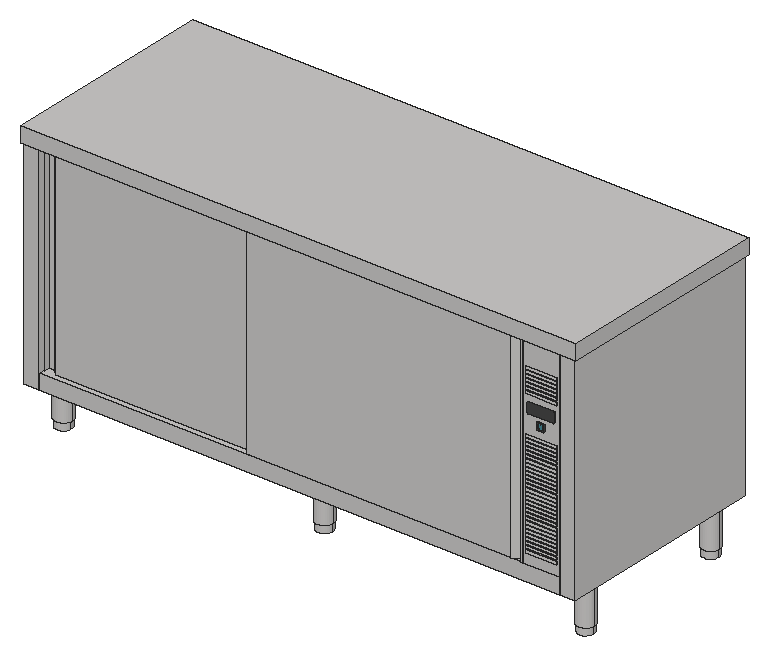
Revit family "QF_ZANUSSI_132874_MSR1807N", category Attrezzature speciali, Revit 2020
Family settings
  Quota connettore circolare = Usa diametro
  Tipo di parte = Normale
  Basato su piano di lavoro = No
  Sempre verticale = Sì
  Taglio con vuoti quando caricato = No
  Condiviso = No
  Punto di calcolo locali = No
Parameters (values of type "Standard")
  Weight = 70.00 kg
  Watts = 2400 W
  Volts = 220 V
  URL Manufacturer = "http://www.zanussiprofessional.com"
  URL = "http://www.zanussiprofessional.com"
  Steam Supply Size = 0 mm
  Steam Supply Minimum Pressure = 0.0 Pa
  Steam Supply Maximum Pressure = 0.0 Pa
  Steam Consumption per Hour = 0
  Refrigeration Suction Line Size = 0.0 mm
  Refrigeration Liquid Line Size = 0.0 mm
  Refrigerant Compressor Remote = yes
  Prospetto di default = 0.0 mm
  Produttore = "Zanussi"
  Phase = 1
  Modello = "MSR1807N"
  Length Actual = 1800.0 mm  # constant formula
  Item Number = "132874"
  Hot Water Size = 0 mm
  Height Actual = 900.0 mm  # constant formula
  HP = "3.2 HP"
  Gas Size = 0 mm
  Gas KW = 0
  Gas Input Pressure = 0 W
  Direct Waste Size = 0 mm
  Descrizione = "HOT CUPBOARD 1800MM"
  Depth Actual = 700.0 mm  # constant formula
  Cycle = 50 Hz
  Condensate Return Size = 0 mm
  Compressed Air Volume = 0.0 L/s
  Compressed Air Size = 0 mm
  Compressed Air Pressure = 0.0 Pa
  Cold Water Size = 0 mm
  Accessory = yes
Reference planes
  plane 1 "Center (Front/Back)": y = 0
  plane 2: z = 0
  plane 3 "Center (Left/Right)": x = -400
  plane 4 "LEFT": x = -1300
  plane 5 "RIGHT": x = 500
  plane 6 "BACK": y = 350
  plane 7 "FRONT": y = -350
  plane 8 "Base": z = 850
  plane 9 "TOP": z = 900
  plane 10: x = -1246.5
  plane 11: x = 446.5
  plane 12: y = 264.5
  plane 13: y = -241.5
  plane 14 "BodyLeft": x = -1294.5
  plane 15 "BodyFront": y = -344.5
  plane 16 "BodyRight": x = 494.5
  plane 17 "BodyBack": y = 344.5
  plane 18 "FEET": z = 150
  plane 19: x = 324.5
  plane 20: x = -461
  plane 21: x = 444.5
  plane 22 "EIx": x = 400
  plane 23 "EIy": y = -170
Forms (mm)
  Extrusion 1, solid, material "QF_Finishes_Stainless Steel"
    sketch origin (-400, 0, 0) x (0, 1, 0) y (0, 0, 1)
      loop
        line (-350, 850) -> (350, 850) -> (350, 900) -> (-350, 900) -> (-350, 850)
    from 900 to -900
  Extrusion 2, solid, material "QF_Finishes_Stainless Steel"
    sketch origin (0, 0, 150) x (-1, 0, 0) y (0, -1, 0)
      loop
        line (1294.5, -344.5) -> (1294.5, 344.5) -> (1244.5, 344.5) -> (1244.5, -344.5) -> (1294.5, -344.5)
      loop
        line (-444.5, -344.5) -> (-444.5, 344.5) -> (-494.5, 344.5) -> (-494.5, -344.5) -> (-444.5, -344.5)
    from 0 to 700
  Extrusion 3, solid, material "QF_Finishes_Stainless Steel"
    sketch origin (0, 0, 150) x (-1, 0, 0) y (0, -1, 0)
      loop
        line (1244.5, -344.5) -> (1244.5, 344.5) -> (-444.5, 344.5) -> (-444.5, -344.5) -> (1244.5, -344.5)
    from 0 to 50
  Extrusion 4, solid, material "QF_Finishes_Stainless Steel"
    sketch origin (-1, 0, 150) x (-1, 0, 0) y (0, -1, 0)
      loop
        line (-325.5, 344.5) -> (-325.5, 324.5) -> (570.5, 324.5) -> (570.5, 344.5) -> (-285.5, 344.5) -> (-305.5, 329.5) -> (-320.5, 329.5) -> (-320.5, 344.5) -> (-325.5, 344.5)
    from 50 to 700
  Extrusion 5, solid, material "QF_Finishes_Stainless Steel"
    sketch origin (1, 20, 150) x (1, 0, 0) y (0, 1, 0)
      loop
        line (-1245.5, -344.5) -> (-1240.5, -344.5) -> (-1240.5, -329.5) -> (-1225.5, -329.5) -> (-1205.5, -344.5) -> (-351.5, -344.5) -> (-351.5, -324.5) -> (-1245.5, -324.5) -> (-1245.5, -344.5)
    from 50 to 700
  Extrusion 6, solid, material "QF_Finishes_Stainless Steel"
    sketch origin (0, 0, 0) x (1, 0, 0) y (0, 1, 0)
      loop
        line (-1244.5, -304.5) -> (324.5, -304.5) -> (324.5, 324.5) -> (-1244.5, 324.5) -> (-1244.5, -304.5)
    from 500 to 540
  Extrusion 7, solid, material "QF_Finishes_Stainless Steel"
    sketch origin (0, 0, 0) x (1, 0, 0) y (0, 1, 0)
      loop
        line (444.5, 344.5) -> (-1244.5, 344.5) -> (-1244.5, 324.5) -> (444.5, 324.5) -> (444.5, 344.5)
    from 200 to 850
  Extrusion 8, solid, material "QF_Finishes_Stainless Steel"
    sketch origin (0, 0, 150) x (-1, 0, 0) y (0, -1, 0)
      loop
        circle (-400, 170) r 10
    from 0 to -5
Cuts and joins
  joined: Extrusion 3, Extrusion 7
Lines and regions (mm)
  symbolic lines
    curve 1: line (500, 350, 900) -> (-1300, 350, 900)
    curve 2: line (-1300, 350, 900) -> (-1300, -350, 900)
    curve 3: line (-1300, -350, 900) -> (500, -350, 900)
    curve 4: line (500, -350, 900) -> (500, 350, 900)
  symbolic lines, style "SpecialityEquipmentHiddenLines"
    curve 5: line (-1294.5, 344.5, 150) -> (494.5, 344.5, 150)
    curve 6: line (-1294.5, -344.5, 150) -> (-1294.5, 344.5, 150)
    curve 7: line (494.5, -344.5, 150) -> (-1294.5, -344.5, 150)
    curve 8: line (494.5, 344.5, 150) -> (494.5, -344.5, 150)
    curve 9: line (-1245.5, -304.5, 150) -> (-349.5, -304.5, 150)
    curve 10: line (-349.5, -304.5, 150) -> (-349.5, -324.5, 150)
    curve 11: line (-1245.5, -324.5, 150) -> (324.5, -324.5, 150)
    curve 12: line (324.5, -324.5, 150) -> (324.5, -344.5, 150)
    curve 13: line (-1245.5, -304.5, 150) -> (-1245.5, -324.5, 150)
    curve 14: line (-571.5, -344.5, 0) -> (-571.5, -324.5, 0)
Dimensions and locks
  plane 4 "LEFT" to plane 5 "RIGHT" = 1800.0 mm
  equal spacing: plane 4 "LEFT", plane 3 "Center (Left/Right)", plane 5 "RIGHT"
  locked: plane 8 "Base" to level at 850
  plane 9 "TOP" to level = 900.0 mm
  plane 6 "BACK" to plane 7 "FRONT" = 700.0 mm
  equal spacing: plane 6 "BACK", plane 1 "Center (Front/Back)", plane 7 "FRONT"
  locked: plane 4 "LEFT" to plane 14 "BodyLeft" at 5.5
  locked: plane 16 "BodyRight" to plane 5 "RIGHT" at 5.5
  locked: plane 15 "BodyFront" to plane 7 "FRONT" at 5.5
  locked: plane 6 "BACK" to plane 17 "BodyBack" at 5.5
  locked: plane 14 "BodyLeft" to plane 10 at 48
  locked: plane 11 to plane 16 "BodyRight" at 48
  locked: plane 13 to plane 15 "BodyFront" at 103
  locked: plane 17 "BodyBack" to plane 12 at 80
  plane 10 to plane 11 = 1693.0 mm
  plane 12 to plane 13 = 506.0 mm
  locked: plane 14 "BodyLeft" to Extrusion 2 sketch curve at 50
  locked: Extrusion 2 sketch curve to Extrusion 2 sketch curve at 50
  equal spacing: plane 10, plane 20, plane 19
  locked: plane 21 to plane 16 "BodyRight" at 50
  locked: plane 19 to plane 21 at 120
  locked: Extrusion 4 sketch curve to plane 20 at 110.5
  locked: plane 20 to Extrusion 5 sketch curve at 110.5
  locked: plane 18 "FEET" to level at 150
  locked: plane 22 "EIx" to plane 5 "RIGHT" at 100
  plane 23 "EIy" to plane 7 "FRONT" = 180.0 mm
  aligned and locked: level to plane 2
  aligned and locked: plane 10 to nested 1
  aligned and locked: nested 1 to plane 13
  aligned and locked: plane 11 to nested 2
  aligned and locked: nested 2 to plane 13
  aligned and locked: plane 11 to nested 4
  aligned and locked: nested 4 to plane 12
  aligned and locked: plane 10 to nested 3
  aligned and locked: nested 3 to plane 12
  aligned and locked: Extrusion 1 to plane 4 "LEFT"
  aligned and locked: plane 5 "RIGHT" to Extrusion 1
  aligned and locked: curve 2 to plane 4 "LEFT"
  aligned and locked: plane 17 "BodyBack" to Extrusion 2 sketch curve
  aligned and locked: Extrusion 2 sketch curve to plane 15 "BodyFront"
  aligned and locked: Extrusion 2 sketch curve to plane 14 "BodyLeft"
  aligned and locked: plane 16 "BodyRight" to Extrusion 2 sketch curve
  aligned and locked: Extrusion 2 sketch curve to plane 17 "BodyBack"
  aligned and locked: plane 15 "BodyFront" to Extrusion 2 sketch curve
  aligned and locked: Extrusion 3 sketch curve to plane 17 "BodyBack"
  aligned and locked: plane 15 "BodyFront" to Extrusion 3 sketch curve
  aligned and locked: plane 8 "Base" to Extrusion 2
  aligned and locked: plane 8 "Base" to Extrusion 4
  aligned and locked: Extrusion 4 to Extrusion 3
  aligned and locked: Extrusion 1 to plane 8 "Base"
  aligned and locked: plane 9 "TOP" to Extrusion 1
  aligned and locked: curve 5 to plane 17 "BodyBack"
  aligned and locked: plane 14 "BodyLeft" to curve 6
  aligned and locked: plane 15 "BodyFront" to curve 7
  aligned and locked: plane 16 "BodyRight" to curve 8
  aligned and locked: Extrusion 3 to Extrusion 2  (x2)
  aligned and locked: Extrusion 6 sketch curve to Extrusion 2
  aligned and locked: Extrusion 6 sketch curve to Extrusion 5
  aligned and locked: nested 5 to plane 21
  aligned and locked: Extrusion 7 sketch curve to Extrusion 2
  aligned and locked: Extrusion 6 sketch curve to plane 19
  aligned and locked: plane 3 "Center (Left/Right)" to nested 6
  aligned and locked: plane 3 "Center (Left/Right)" to nested 7
Automatic sketch dimensions
  curve 14 to plane 15 "BodyFront" = 0.0 mm
  plane 15 "BodyFront" to curve 14 = 20.0 mm
  curve 14 to plane 20 = 110.5 mm
  curve 3 to plane 7 "FRONT" = 0.0 mm
  curve 4 to plane 6 "BACK" = 0.0 mm
  Extrusion 1 sketch curve to plane 7 "FRONT" = 0.0 mm
  Extrusion 1 sketch curve to plane 6 "BACK" = 0.0 mm
  Extrusion 1 sketch curve to plane 8 "Base" = 0.0 mm
  Extrusion 1 sketch curve to plane 9 "TOP" = 0.0 mm
  Extrusion 3 sketch curve to plane 21 = 0.0 mm
  plane 10 to Extrusion 3 sketch curve = 2.0 mm
  Extrusion 4 sketch curve to plane 19 = 0.0 mm
  Extrusion 4 sketch curve to plane 15 "BodyFront" = 0.0 mm  (x2)
  Extrusion 4 sketch curve to Extrusion 4 sketch curve = 5.0 mm
  Extrusion 4 sketch curve to Extrusion 4 sketch curve = 15.0 mm  (x2)
  Extrusion 4 sketch curve to Extrusion 4 sketch curve = 20.0 mm  (x2)
  Extrusion 5 sketch curve to plane 15 "BodyFront" = 20.0 mm  (x2)
  Extrusion 5 sketch curve to plane 10 = 42.0 mm
  Extrusion 5 sketch curve to plane 10 = 22.0 mm
  Extrusion 5 sketch curve to plane 10 = 7.0 mm
  Extrusion 5 sketch curve to plane 10 = 2.0 mm
  Extrusion 5 sketch curve to Extrusion 5 sketch curve = 15.0 mm
  Extrusion 5 sketch curve to Extrusion 5 sketch curve = 20.0 mm
  plane 21 to curve 12 = 120.0 mm
  curve 7 to plane 15 "BodyFront" = 0.0 mm
  plane 3 "Center (Left/Right)" to curve 9 = 50.5 mm
  plane 10 to curve 11 = 1.0 mm
  plane 15 "BodyFront" to curve 9 = 40.0 mm
  curve 11 to curve 12 = 20.0 mm
  plane 12 to Extrusion 6 sketch curve = 60.0 mm
  Extrusion 7 sketch curve to plane 17 "BodyBack" = 0.0 mm
  Extrusion 7 sketch curve to plane 21 = 0.0 mm
  Extrusion 7 sketch curve to plane 17 "BodyBack" = 20.0 mm
  curve 4 to plane 5 "RIGHT" = 0.0 mm
  Extrusion 8 sketch curve to plane 22 "EIx" = 0.0 mm
  Extrusion 8 sketch curve to plane 23 "EIy" = 0.0 mm
  radius of Extrusion 8 sketch curve = 10.0 mm
Nested families
  nested 1: "FEET_D58-150" at (-1246.5, -241.5, 0), type "FEET_D58-150"
  nested 2: "FEET_D58-150" at (446.5, -241.5, 0), type "FEET_D58-150"
  nested 3: "FEET_D58-150" at (-1246.5, 264.5, 0), type "FEET_D58-150"
  nested 4: "FEET_D58-150" at (446.5, 264.5, 0), type "FEET_D58-150"
  nested 5: "WT_PNL120x650" at (531.42, -304.5, 600) x (1, 0, 0) z (0, -1, 0), type "WT_PNL120x650"
    with Show Logo yes
  nested 6: "FEET_D58-150" at (-400, -241.5, 0), type "FEET_D58-150"
  nested 7: "FEET_D58-150" at (-400, 264.5, 0), type "FEET_D58-150"
Connectors
  electrical at (400, -170, 145)
    settings: on Extrusion 8, index 1, voltage 0 V, apparent load 0 VA, apparent load phase1 0 VA, apparent load phase2 0 VA, apparent load phase3 0 VA, power factor 1, load classification "Other", number of poles 1, system type 30, power factor state 1, is connector primary yes, connector utility no, sub classification motor no, connector description "Electrical connection"
Definition of nested family "FEET_D58-150"
  Parameters
    Default Elevation = 0.0 mm
    FEET = 150.0 mm
  Reference planes
    plane 1 "Center (Front/Back)": y = 0
    plane 2: z = 0
    plane 3 "Center (Left/Right)": x = 0
    plane 4: z = 150
  Forms (mm)
    Extrusion 1, solid
      sketch origin (0, 0, 0) x (1, 0, 0) y (0, 1, 0)
        loop
          circle (0, 0) r 25
      from 0 to 25
    Extrusion 2, solid
      sketch origin (0, 0, 0) x (1, 0, 0) y (0, 1, 0)
        loop
          circle (0.061, 0) r 29
      from 25 to 150 <- "FEET"
  Lines and regions (mm)
    symbolic lines
      curve 1: line (0, -1.503, 0) -> (0, 1.508, 0)
      curve 2: line (1.561, 0, 0) -> (-1.439, 0, 0)
  Dimensions and locks
    "FEET": plane 4 to plane 2
    aligned and locked: level to plane 2
  Automatic sketch dimensions
    plane 1 "Center (Front/Back)" to Extrusion 1 sketch curve = 0.0 mm
    Extrusion 1 sketch curve to plane 3 "Center (Left/Right)" = 0.0 mm
    plane 1 "Center (Front/Back)" to curve 2 = 0.0 mm
    curve 1 to plane 3 "Center (Left/Right)" = 0.0 mm
    curve 2 to plane 3 "Center (Left/Right)" = 1.439 mm
    plane 3 "Center (Left/Right)" to curve 2 = 1.561 mm
    plane 1 "Center (Front/Back)" to curve 1 = 1.503 mm
    curve 1 to plane 1 "Center (Front/Back)" = 1.508 mm
    plane 1 "Center (Front/Back)" to Extrusion 2 sketch curve = 0.0 mm
    plane 3 "Center (Left/Right)" to Extrusion 2 sketch curve = 0.061 mm
    radius of Extrusion 1 sketch curve = 25.0 mm
    radius of Extrusion 2 sketch curve = 29.0 mm
Definition of nested family "WT_PNL120x650"
  Parameters
    Show Logo [instance] = yes
    Default Elevation = 1219.2 mm
  Reference planes
    plane 1 "Center (Front/Back)": y = -75
    plane 2: z = 0
    plane 3 "Center (Left/Right)": x = -146.92
    plane 4: x = -206.92
    plane 5: x = -86.92
    plane 6: y = 250
    plane 7: y = -400
    plane 8 "TOP": z = 40
  Forms (mm)
    Extrusion 1, solid
      sketch origin (0, 0, 0) x (1, 0, 0) y (0, 1, 0)
        loop
          line (-1219.2, 1219.2) -> (-1219.2, -1219.2) -> (1219.2, -1219.2) -> (1219.2, 1219.2) -> (-1219.2, 1219.2)
      from 0 to -304.8
    Extrusion 2, solid
      sketch origin (0, 0, 0) x (1, 0, 0) y (0, 1, 0)
        loop
          line (-206.92, 250) -> (-206.92, -400) -> (-86.92, -400) -> (-86.92, 250) -> (-206.92, 250)
      from 0 to 40
    Extrusion 3, void
      sketch origin (0, 0, 40) x (-1, 0, 0) y (0, -1, 0)
        loop
          arc (101.92, -68.899) -> (103.795, -73.256) -> (108.247, -74.89) r 6
          line (108.247, -74.89) -> (185.92, -74.89)
          arc (185.92, -74.89) -> (190.163, -73.133) -> (191.92, -68.89) r 6
          line (191.92, -68.89) -> (191.92, -45.89)
          arc (191.92, -45.89) -> (190.163, -41.648) -> (185.92, -39.89) r 6
          line (185.92, -39.89) -> (107.92, -39.89)
          arc (107.92, -39.89) -> (103.677, -41.648) -> (101.92, -45.89) r 6
          line (101.92, -45.89) -> (101.92, -68.899)
        loop
          line (158.92, -27.89) -> (158.92, -2.89) -> (134.92, -2.89) -> (134.92, -27.89) -> (158.92, -27.89)
      from -2 to 0
    Extrusion 4, solid
      sketch origin (0, 0, 40) x (-1, 0, 0) y (0, -1, 0)
        loop
          line (185.92, -39.89) -> (107.92, -39.89)
          arc (107.92, -39.89) -> (103.677, -41.648) -> (101.92, -45.89) r 6
          line (101.92, -45.89) -> (101.92, -68.899)
          arc (101.92, -68.899) -> (103.795, -73.256) -> (108.247, -74.89) r 6
          line (108.247, -74.89) -> (185.92, -74.89)
          arc (185.92, -74.89) -> (190.163, -73.133) -> (191.92, -68.89) r 6
          line (191.92, -68.89) -> (191.92, -45.89)
          arc (191.92, -45.89) -> (190.163, -41.648) -> (185.92, -39.89) r 6
      from -2 to 1
    Extrusion 5, solid
      sketch origin (-146.92, 0, 0) x (0, 1, 0) y (0, 0, 1)
        loop
          line (95.896, 40) -> (104.899, 40) -> (95.896, 41.206) -> (95.896, 40)
        loop
          line (107.896, 40) -> (116.899, 40) -> (107.896, 41.206) -> (107.896, 40)
        loop
          line (119.896, 40) -> (128.899, 40) -> (119.896, 41.206) -> (119.896, 40)
        loop
          line (131.896, 40) -> (140.899, 40) -> (131.896, 41.206) -> (131.896, 40)
        loop
          line (143.896, 40) -> (152.899, 40) -> (143.896, 41.206) -> (143.896, 40)
        loop
          line (155.896, 40) -> (164.899, 40) -> (155.896, 41.206) -> (155.896, 40)
        loop
          line (167.896, 40) -> (176.899, 40) -> (167.896, 41.206) -> (167.896, 40)
        loop
          line (-102.104, 40) -> (-93.101, 40) -> (-102.104, 41.206) -> (-102.104, 40)
        loop
          line (-90.104, 40) -> (-81.101, 40) -> (-90.104, 41.206) -> (-90.104, 40)
        loop
          line (-78.104, 40) -> (-69.101, 40) -> (-78.104, 41.206) -> (-78.104, 40)
        loop
          line (-66.104, 40) -> (-57.101, 40) -> (-66.104, 41.206) -> (-66.104, 40)
        loop
          line (-54.104, 40) -> (-45.101, 40) -> (-54.104, 41.206) -> (-54.104, 40)
        loop
          line (-42.104, 40) -> (-33.101, 40) -> (-42.104, 41.206) -> (-42.104, 40)
        loop
          line (-30.104, 40) -> (-21.101, 40) -> (-30.104, 41.206) -> (-30.104, 40)
        loop
          line (-174.104, 40) -> (-165.101, 40) -> (-174.104, 41.206) -> (-174.104, 40)
        loop
          line (-162.104, 40) -> (-153.101, 40) -> (-162.104, 41.206) -> (-162.104, 40)
        loop
          line (-150.104, 40) -> (-141.101, 40) -> (-150.104, 41.206) -> (-150.104, 40)
        loop
          line (-138.104, 40) -> (-129.101, 40) -> (-138.104, 41.206) -> (-138.104, 40)
        loop
          line (-126.104, 40) -> (-117.101, 40) -> (-126.104, 41.206) -> (-126.104, 40)
        loop
          line (-114.104, 40) -> (-105.101, 40) -> (-114.104, 41.206) -> (-114.104, 40)
        loop
          line (-246.104, 40) -> (-237.101, 40) -> (-246.104, 41.206) -> (-246.104, 40)
        loop
          line (-234.104, 40) -> (-225.101, 40) -> (-234.104, 41.206) -> (-234.104, 40)
        loop
          line (-222.104, 40) -> (-213.101, 40) -> (-222.104, 41.206) -> (-222.104, 40)
        loop
          line (-210.104, 40) -> (-201.101, 40) -> (-210.104, 41.206) -> (-210.104, 40)
        loop
          line (-198.104, 40) -> (-189.101, 40) -> (-198.104, 41.206) -> (-198.104, 40)
        loop
          line (-186.104, 40) -> (-177.101, 40) -> (-186.104, 41.206) -> (-186.104, 40)
        loop
          line (-318.104, 40) -> (-309.101, 40) -> (-318.104, 41.206) -> (-318.104, 40)
        loop
          line (-306.104, 40) -> (-297.101, 40) -> (-306.104, 41.206) -> (-306.104, 40)
        loop
          line (-294.104, 40) -> (-285.101, 40) -> (-294.104, 41.206) -> (-294.104, 40)
        loop
          line (-282.104, 40) -> (-273.101, 40) -> (-282.104, 41.206) -> (-282.104, 40)
        loop
          line (-270.104, 40) -> (-261.101, 40) -> (-270.104, 41.206) -> (-270.104, 40)
        loop
          line (-258.104, 40) -> (-249.101, 40) -> (-258.104, 41.206) -> (-258.104, 40)
        loop
          line (-366.104, 40) -> (-357.101, 40) -> (-366.104, 41.206) -> (-366.104, 40)
        loop
          line (-354.104, 40) -> (-345.101, 40) -> (-354.104, 41.206) -> (-354.104, 40)
        loop
          line (-342.104, 40) -> (-333.101, 40) -> (-342.104, 41.206) -> (-342.104, 40)
        loop
          line (-330.104, 40) -> (-321.101, 40) -> (-330.104, 41.206) -> (-330.104, 40)
      from -50 to 50
    Extrusion 6, solid
      sketch origin (0, 0, 40) x (-1, 0, 0) y (0, -1, 0)
        loop
          line (134.92, -27.89) -> (158.92, -27.89) -> (158.92, -2.89) -> (134.92, -2.89) -> (134.92, -27.89)
        loop
          circle (146.92, -15.39) r 9
      from -2 to 3
    Extrusion 7, solid
      sketch origin (0, 0, 40) x (-1, 0, 0) y (0, -1, 0)
        loop
          circle (146.92, -15.39) r 9
      from 0 to 3
  Cuts and joins
    Extrusion 3 cuts Extrusion 2
  Dimensions and locks
    equal spacing: plane 6, plane 1 "Center (Front/Back)", plane 7
    equal spacing: plane 4, plane 3 "Center (Left/Right)", plane 5
    plane 8 "TOP" to level = 40.0 mm
    aligned and locked: plane 2 to Extrusion 1
    aligned and locked: level to Extrusion 1
  Automatic sketch dimensions
    Extrusion 1 sketch curve to Extrusion 1 sketch curve = 2438.4 mm  (x2)
    Extrusion 2 sketch curve to plane 4 = 0.0 mm
    Extrusion 2 sketch curve to plane 5 = 0.0 mm
    Extrusion 2 sketch curve to plane 7 = 0.0 mm
    Extrusion 2 sketch curve to plane 6 = 0.0 mm
    Extrusion 5 sketch curve to plane 8 "TOP" = 0.0 mm  (x36)
    Extrusion 5 sketch curve to Extrusion 5 sketch curve = 9.003 mm  (x35)
    plane 8 "TOP" to Extrusion 5 sketch curve = 1.206 mm  (x22)
    Extrusion 5 sketch curve to Extrusion 5 sketch curve = 2.997 mm  (x33)
    plane 1 "Center (Front/Back)" to Extrusion 5 sketch curve = 6.101 mm
    plane 1 "Center (Front/Back)" to Extrusion 5 sketch curve = 3.104 mm
    Extrusion 5 sketch curve to plane 1 "Center (Front/Back)" = 5.899 mm
    Extrusion 5 sketch curve to Extrusion 5 sketch curve = 116.997 mm
    Extrusion 5 sketch curve to Extrusion 5 sketch curve = 1.206 mm  (x14)
    Extrusion 4 sketch curve to plane 5 = 15.0 mm
    Extrusion 4 sketch curve to Extrusion 4 sketch curve = 6.0 mm  (x3)
    Extrusion 4 sketch curve to Extrusion 4 sketch curve = 0.327 mm
    plane 4 to Extrusion 4 sketch curve = 21.0 mm  (x2)
    Extrusion 4 sketch curve to plane 1 "Center (Front/Back)" = 149.89 mm
    Extrusion 4 sketch curve to Extrusion 4 sketch curve = 23.009 mm
    Extrusion 3 sketch curve to plane 5 = 15.0 mm
    Extrusion 3 sketch curve to Extrusion 3 sketch curve = 6.0 mm  (x3)
    Extrusion 3 sketch curve to Extrusion 3 sketch curve = 0.327 mm
    plane 3 "Center (Left/Right)" to Extrusion 3 sketch curve = 12.0 mm
    Extrusion 3 sketch curve to plane 3 "Center (Left/Right)" = 12.0 mm
    plane 4 to Extrusion 3 sketch curve = 21.0 mm  (x2)
    Extrusion 3 sketch curve to plane 1 "Center (Front/Back)" = 149.89 mm
    Extrusion 3 sketch curve to Extrusion 3 sketch curve = 23.0 mm
    Extrusion 3 sketch curve to Extrusion 3 sketch curve = 12.0 mm
    Extrusion 3 sketch curve to Extrusion 3 sketch curve = 25.0 mm
    Extrusion 6 sketch curve to plane 3 "Center (Left/Right)" = 0.0 mm
    plane 3 "Center (Left/Right)" to Extrusion 6 sketch curve = 12.0 mm
    Extrusion 6 sketch curve to plane 3 "Center (Left/Right)" = 12.0 mm
    Extrusion 6 sketch curve to plane 1 "Center (Front/Back)" = 102.89 mm
    Extrusion 6 sketch curve to Extrusion 6 sketch curve = 12.5 mm  (x2)
    Extrusion 7 sketch curve to plane 3 "Center (Left/Right)" = 0.0 mm
    Extrusion 7 sketch curve to plane 1 "Center (Front/Back)" = 90.39 mm
    radius of Extrusion 6 sketch curve = 9.0 mm
    radius of Extrusion 7 sketch curve = 9.0 mm
